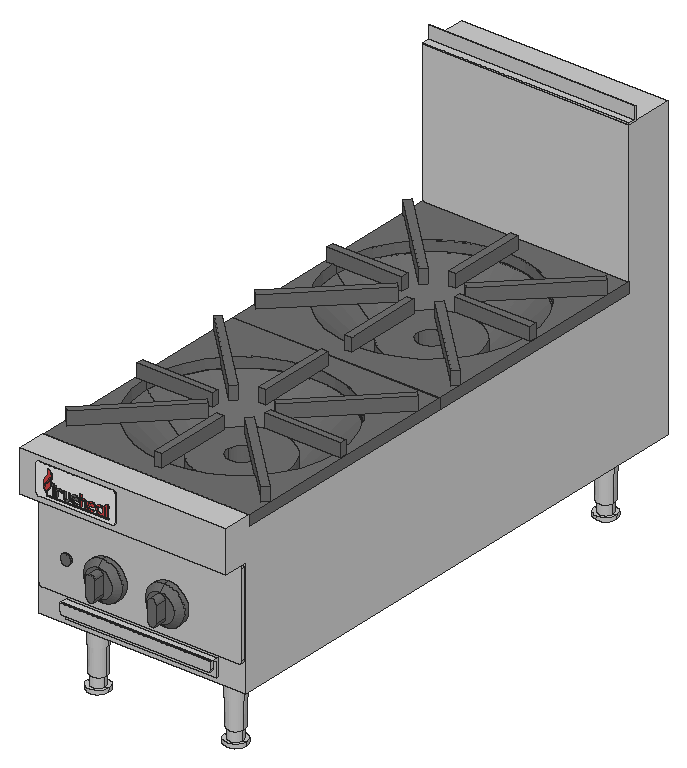
Revit family "QF_COMCATER ALL BRANDS_RCT3-2", category Specialty Equipment, Revit 2014
Parameters (values of type "RCT3-2_Natural Gas")
  URL Cutsheet = ""
  URL = ""
  Type Comments = "The Australian owned and designed* Trueheat RC Series of Gas Cooking Equipment has been developed for the restaurant and cafe market with a high quality finish, designed to fulfill the busy demands within a commercial kitchen.\r\nPowerful 24MJ/hr open burners with individual standing pilots included.\r\n100% Flame failure controls included as standard. Matt finish Euro look cast iron trivets radiate heat and design makes it easy to move pots around the surface."
  Status [instance] = ""
  Specification by User [instance] = ""
  Specification by Manufacturer [instance] = ""
  Seismic Rating = ""
  SMACNA No = ""
  Revision Code [instance] = ""
  Nominal Gas power = 11400 W
  NAFEM Spec ID Number = ""
  Model = "RCT3-2"
  Mechanical Connection Type [instance] = " "
  Masterspec = ""
  Manufacturer = "TRUEHEAT"
  Length Actual = 300 mm
  Item Number [instance] = ""
  Installed By [instance] = ""
  Identify Quantity as Lot [instance] = no
  Height Actual = 455 mm
  Gas power kW = 11.4
  Gas Size Flexible = 0 mm
  Gas Size = 19.05 mm
  Gas RI Height [instance] = 0 mm
  Gas Flow = 0.0 L/s
  Gas Connection Height [instance] = 121 mm
  Furnished By [instance] = ""
  Foodservice Equipment Identifier [instance] = yes
  Description = "2 BURNER MODULAR TOP"
  Depth Actual = 803 mm
  CSI MasterFormat = ""
  BTUH = 11400 W
  Assembly Code = "E1090320"
  Accessory = no
Types (2): name
  RCT3-2_Natural Gas
  RCT3-2_LPG
Reference planes
  plane 1 "Center (Front/Back)": y = 0
  plane 2: z = 0
  plane 3 "Center (Left/Right)": x = 0
Forms (mm)
  Extrusion 1, solid
    sketch origin (96, 0, 121) x (1, 0, 0) y (0, 1, 0)
      loop
        line (0, 0) -> (2, 0) -> (2, 2) -> (0, 2) -> (0, 0)
    from 0 to 2
Dimensions and locks
  aligned and locked: level to plane 2
Nested families
  nested 1: "QF_COMCATER ALL BRANDS_RCT3-2_Natural Gas" at (0, 0, 100), type "RCT3-2_Natural Gas"
    with Show Logo yes, Show Clearance yes
  nested 2: "QF_COMCATER_B05002-300" at (0, 0, 0), type "B05002-300"
    with Show Logo yes, Show Clearance yes
Connectors
  piping at (97, 2, 122), diameter 19.05, driven by "Gas Size", driven by "Gas Flow"
    settings: on Extrusion 1, index 1, connector inside diameter 609.6 mm, connector length 0 mm, flow factor 0, pipe flow 0.0 L/s, pressure drop 0.0 Pa, fitting loss kfactor 0, connector angle 0.00°, fixture units 0, engagement length 0 mm, angle of deflection 0.00°, flow configuration 1, flow direction 1, fitting loss method 0, system type 22, joint type 0, gender type 0, connector reference index -1, connector utility 0, adjustable connector no, is connector primary yes, connector description "Gas connection for 'RCT3-2'"
Definition of nested family "QF_COMCATER ALL BRANDS_RCT3-2_Natural Gas"
  Parameters (values of type "RCT3-2_Natural Gas")
    URL = "www.comcater.com.au"
    Show Logo [instance] = yes
    Show Clearance [instance] = yes
    Model = "RCT3-2"
    Manufacturer = "TRUEHEAT"
    Description = "2 BURNER MODULAR TOP"
    Assembly Code = "E1090320"
  Reference planes
    plane 1 "Back": y = 0
    plane 2: z = 0
    plane 3 "Left": x = 0
    plane 4 "Right": x = 300
    plane 5 "Front": y = -803
    plane 6 "Top": z = 455
  Forms (mm)
    Extrusion 1, solid
      sketch origin (0, 0, 2.5) x (0, 1, 0) y (0, 0, 1)
        loop
          line (0, 432.5) -> (-70, 432.5) -> (-70, 212.5) -> (-762.176, 212.5) -> (-762.176, 227.5) -> (-803, 227.5) -> (-803, 167.5) -> (-768, 167.5) -> (-768, -2.5) -> (0, -2.5) -> (0, 432.5)
      from 0 to 300
    Extrusion 2, solid
      sketch origin (-302.618, -768, 2.5) x (1, 0, 0) y (0, 0, 1)
        loop
          line (305.118, 160.5) -> (305.118, 40)
          arc (305.118, 40) -> (306.583, 36.464) -> (310.118, 35) r 5
          line (310.118, 35) -> (595.118, 35)
          arc (595.118, 35) -> (598.654, 36.464) -> (600.118, 40) r 5
          line (600.118, 40) -> (600.118, 160.5)
          arc (600.118, 160.5) -> (598.654, 164.036) -> (595.118, 165.5) r 5
          line (595.118, 165.5) -> (310.118, 165.5)
          arc (310.118, 165.5) -> (306.583, 164.036) -> (305.118, 160.5) r 5
      from 0 to 3
    Extrusion 3, solid, visible <- "Show Logo"
      sketch origin (30, -802.5, 9.763) x (1, 0, 0) y (0, 0, 1)
        loop
          line (98.5, 191.841) -> (96.5, 191.841) -> (96.5, 189.798) -> (95.026, 189.798) -> (95.026, 187.798) -> (96.5, 187.798) -> (96.5, 175.237) -> (98.5, 175.237) -> (98.5, 187.798) -> (100, 187.798) -> (100, 189.798) -> (98.5, 189.798) -> (98.5, 191.841)
        loop
          line (94, 187.798) -> (92, 187.798) -> (92, 186.56)
          arc (92, 186.56) -> (81.976, 181.518) -> (92, 176.475) r 6.28
          line (92, 176.475) -> (92, 175.237) -> (94, 175.237) -> (94, 187.798)
        loop
          arc (92, 183.592) -> (83.976, 181.518) -> (92, 179.443) r 4.28
          line (92, 179.443) -> (92, 183.592)
        loop
          line (65.446, 184.298) -> (65.446, 175.237) -> (67.446, 175.237) -> (67.446, 184.729)
          arc (67.446, 184.729) -> (64.497, 187.542) -> (60.446, 187.101) r 4.833
          line (60.446, 187.101) -> (60.446, 191.841) -> (58.446, 191.841) -> (58.446, 175.237) -> (60.446, 175.237) -> (60.446, 184.298)
          arc (60.446, 184.298) -> (62.946, 185.798) -> (65.446, 184.298) r 2.833
        loop
          arc (80.998, 181.518) -> (69.107, 184.34) -> (78.461, 176.475) r 6.28
          line (78.461, 176.475) -> (77.269, 178.081)
          arc (77.269, 178.081) -> (72.794, 177.694) -> (70.437, 181.518) r 4.28
          line (70.437, 181.518) -> (80.998, 181.518)
        loop
          arc (78.502, 183.518) -> (74.717, 185.798) -> (70.933, 183.518) r 4.28
          line (70.933, 183.518) -> (78.502, 183.518)
      from 0 to 2
    Extrusion 4, solid, visible <- "Show Logo"
      sketch origin (14.146, -802.5, 9.763) x (1, 0, 0) y (0, 0, 1)
        loop
          arc (70.804, 183.518) -> (67.02, 185.798) -> (63.236, 183.518) r 4.28
          line (63.236, 183.518) -> (70.804, 183.518)
        loop
          arc (73.3, 181.518) -> (61.409, 184.34) -> (70.764, 176.475) r 6.28
          line (70.764, 176.475) -> (69.572, 178.081)
          arc (69.572, 178.081) -> (65.096, 177.694) -> (62.74, 181.518) r 4.28
          line (62.74, 181.518) -> (73.3, 181.518)
        loop
          line (34.617, 191.841) -> (34.617, 189.798) -> (33.143, 189.798) -> (33.143, 187.798) -> (34.617, 187.798) -> (34.617, 175.237) -> (36.617, 175.237) -> (36.617, 187.798) -> (38.117, 187.798) -> (38.117, 189.798) -> (36.617, 189.798) -> (36.617, 191.841) -> (34.617, 191.841)
        loop
          arc (57.696, 178.737) -> (55.196, 177.237) -> (52.696, 178.737) r 2.833
          line (52.696, 178.737) -> (52.696, 187.798) -> (50.696, 187.798) -> (50.696, 178.307)
          arc (50.696, 178.307) -> (55.196, 175.237) -> (59.696, 178.307) r 4.833
          line (59.696, 178.307) -> (59.696, 187.798) -> (57.696, 187.798) -> (57.696, 178.737)
        loop
          line (41.117, 186.56) -> (41.117, 187.798) -> (39.117, 187.798) -> (39.117, 175.237) -> (41.117, 175.237) -> (41.117, 183.592)
          arc (41.117, 183.592) -> (44.587, 185.789) -> (48.31, 184.053) r 4.28
          line (48.31, 184.053) -> (49.735, 185.478)
          arc (49.735, 185.478) -> (45.643, 187.749) -> (41.117, 186.56) r 6.28
      from 0 to 2
    Extrusion 5, solid, visible <- "Show Logo"
      sketch origin (0, -802.5, 7.5) x (1, 0, 0) y (0, 0, 1)
        loop
          line (130, 176.5) -> (40, 176.5) -> (40, 175.5) -> (130, 175.5) -> (130, 176.5)
        loop
          arc (40, 177.5) -> (40.603, 181.061) -> (42.43, 184.177) r 10.013
          arc (42.43, 184.177) -> (44.457, 187.03) -> (45.914, 190.212) r 18.627
          arc (45.914, 190.212) -> (46.43, 193.956) -> (45.458, 197.608) r 9.58
          arc (45.458, 197.608) -> (44.352, 194.23) -> (41.979, 191.583) r 8.629
          arc (41.979, 191.583) -> (38.017, 184.959) -> (40, 177.5) r 9.924
        loop
          arc (39.054, 199.801) -> (35.351, 191.043) -> (36.701, 181.631) r 17.746
          arc (36.701, 181.631) -> (36.715, 187.191) -> (39.483, 192.014) r 10.848
          arc (39.483, 192.014) -> (42.461, 196.051) -> (44.165, 200.77) r 17.413
          arc (44.165, 200.77) -> (46.042, 199.588) -> (47.328, 197.781) r 5.718
          arc (47.328, 197.781) -> (46.772, 205.563) -> (40.995, 210.808) r 10.489
          arc (40.995, 210.808) -> (41.42, 205.059) -> (39.054, 199.801) r 11.727
      from 0 to 2
    Extrusion 6, solid, visible <- "Show Logo"
      sketch origin (0, -802, 7.5) x (1, 0, 0) y (0, 0, 1)
        loop
          line (29.373, 170.5) -> (135, 170.5)
          arc (135, 170.5) -> (138.536, 171.964) -> (140, 175.5) r 5
          line (140, 175.5) -> (140, 210.808)
          arc (140, 210.808) -> (138.536, 214.344) -> (135, 215.808) r 5
          line (135, 215.808) -> (29.373, 215.808)
          arc (29.373, 215.808) -> (25.837, 214.344) -> (24.373, 210.808) r 5
          line (24.373, 210.808) -> (24.373, 175.5)
          arc (24.373, 175.5) -> (25.837, 171.964) -> (29.373, 170.5) r 5
      from 0 to 2
    Extrusion 7, solid
      sketch origin (-3358.827, -656.5, -667.68) x (1, 0, 0) y (0, 1, 0)
        loop
          line (3503.813, 452.102) -> (3513.813, 452.102) -> (3513.813, 565.456) -> (3503.813, 565.456) -> (3503.813, 452.102)
        loop
          line (3546.914, 419) -> (3546.914, 409) -> (3656.627, 409) -> (3656.627, 419) -> (3546.914, 419)
        loop
          line (3470.712, 419) -> (3360.999, 419) -> (3360.999, 409) -> (3470.712, 409) -> (3470.712, 419)
        loop
          line (3474.8, 433.871) -> (3481.872, 440.942) -> (3367.316, 555.497) -> (3360.245, 548.426) -> (3474.8, 433.871)
        loop
          line (3535.755, 440.942) -> (3542.826, 433.871) -> (3657.381, 548.426) -> (3650.31, 555.497) -> (3535.755, 440.942)
        loop
          line (3503.813, 375.899) -> (3503.813, 262.545) -> (3513.813, 262.545) -> (3513.813, 375.899) -> (3503.813, 375.899)
        loop
          line (3474.8, 394.13) -> (3360.245, 279.574) -> (3367.316, 272.503) -> (3481.872, 387.059) -> (3474.8, 394.13)
        loop
          line (3535.755, 387.059) -> (3650.31, 272.503) -> (3657.381, 279.574) -> (3542.826, 394.13) -> (3535.755, 387.059)
      from 897.68 to 916.73
    Extrusion 8, solid
      sketch origin (-3358.827, -656.5, -662.976) x (1, 0, 0) y (0, 1, 0)
        loop
          line (3658.827, 586.5) -> (3358.827, 586.5) -> (3358.827, 241.5) -> (3658.827, 241.5) -> (3658.827, 586.5)
        loop
          circle (3508.813, 414.196) r 139
      from 877.976 to 892.976
    Revolve 9, solid
      sketch origin (196.557, 8, -489.263) x (0, 1, 0) y (0, 0, -1)
        loop
          line (-786.003, -575.513) -> (-786.003, -547.176) -> (-793.012, -547.176) -> (-801, -555.163) -> (-801, -575.513) -> (-786.003, -575.513)
        axis (-786.003, -575.513) -> (-801, -575.513)
      angle from 0 to 360
    Extrusion 10, solid
      sketch origin (569.238, -780, -1413.928) x (0.707107, 0, -0.707107) y (-0.707107, 0, -0.707107)
        loop
          line (-1328.297, -810.227) -> (-1311.344, -793.275)
          arc (-1311.344, -793.275) -> (-1311.344, -784.294) -> (-1320.325, -784.294) r 6.35
          line (-1320.325, -784.294) -> (-1337.277, -801.247)
          arc (-1337.277, -801.247) -> (-1337.277, -810.227) -> (-1328.297, -810.227) r 6.35
      from -13 to -28
    Revolve 11, solid
      sketch origin (106.557, 8, -489.263) x (0, 1, 0) y (0, 0, -1)
        loop
          line (-786.003, -575.513) -> (-786.003, -547.176) -> (-793.012, -547.176) -> (-801, -555.163) -> (-801, -575.513) -> (-786.003, -575.513)
        axis (-786.003, -575.513) -> (-801, -575.513)
      angle from 0 to 360
    Extrusion 12, solid
      sketch origin (479.238, -780, -1413.928) x (0.707107, 0, -0.707107) y (-0.707107, 0, -0.707107)
        loop
          line (-1328.297, -810.227) -> (-1311.344, -793.275)
          arc (-1311.344, -793.275) -> (-1311.344, -784.294) -> (-1320.325, -784.294) r 6.35
          line (-1320.325, -784.294) -> (-1337.277, -801.247)
          arc (-1337.277, -801.247) -> (-1337.277, -810.227) -> (-1328.297, -810.227) r 6.35
      from -13 to -28
    Extrusion 13, solid
      sketch origin (-3358.827, -173.5, -667.68) x (1, 0, 0) y (0, 1, 0)
        loop
          line (3503.813, -452.102) -> (3503.813, -565.456) -> (3513.813, -565.456) -> (3513.813, -452.102) -> (3503.813, -452.102)
        loop
          line (3546.914, -419) -> (3656.627, -419) -> (3656.627, -409) -> (3546.914, -409) -> (3546.914, -419)
        loop
          line (3470.712, -419) -> (3470.712, -409) -> (3360.999, -409) -> (3360.999, -419) -> (3470.712, -419)
        loop
          line (3474.8, -433.871) -> (3360.245, -548.426) -> (3367.316, -555.497) -> (3481.872, -440.942) -> (3474.8, -433.871)
        loop
          line (3535.755, -440.942) -> (3650.31, -555.497) -> (3657.381, -548.426) -> (3542.826, -433.871) -> (3535.755, -440.942)
        loop
          line (3503.813, -375.899) -> (3513.813, -375.899) -> (3513.813, -262.545) -> (3503.813, -262.545) -> (3503.813, -375.899)
        loop
          line (3474.8, -394.13) -> (3481.872, -387.059) -> (3367.316, -272.503) -> (3360.245, -279.574) -> (3474.8, -394.13)
        loop
          line (3535.755, -387.059) -> (3542.826, -394.13) -> (3657.381, -279.574) -> (3650.31, -272.503) -> (3535.755, -387.059)
      from 897.68 to 916.73
    Extrusion 14, solid
      sketch origin (-3358.827, -173.5, -662.976) x (1, 0, 0) y (0, 1, 0)
        loop
          line (3658.827, -586.5) -> (3658.827, -241.5) -> (3358.827, -241.5) -> (3358.827, -586.5) -> (3658.827, -586.5)
        loop
          circle (3508.813, -414.196) r 139
      from 877.976 to 892.976
    Extrusion 15, solid
      sketch origin (-1.781, -5, -680) x (1, 0, 0) y (0, 0, 1)
        loop
          circle (108.338, 766.25) r 8
      from 766 to 773.003
    Extrusion 16, solid
      sketch origin (88.219, -5, -680) x (1, 0, 0) y (0, 0, 1)
        loop
          circle (108.338, 766.25) r 8
      from 766 to 773.003
    Extrusion 17, solid
      sketch origin (182.5, -778, 2.5) x (-1, 0, 0) y (0, 0, -1)
        loop
          line (-77.5, -20) -> (-77.5, -30) -> (142.5, -30) -> (142.5, -20)
          arc (142.5, -20) -> (141.036, -16.464) -> (137.5, -15) r 5
          line (137.5, -15) -> (-72.5, -15)
          arc (-72.5, -15) -> (-76.036, -16.464) -> (-77.5, -20) r 5
      from 0 to 2
    Extrusion 18, solid
      sketch origin (182.5, -2, 2.5) x (0, 1, 0) y (0, 0, -1)
        loop
          line (-776, -30) -> (-766, -30) -> (-766, -4.971) -> (-768.029, -4.971) -> (-768.029, -27.971) -> (-776, -27.971) -> (-776, -30)
      from -77.5 to 142.5
    Extrusion 19, solid, visible <- "Show Clearance", detail levels coarse
      sketch origin (25, -2, -680) x (0, 1, 0) y (0, 0, 1)
        loop
          line (-768.029, 687.471) -> (-768.029, 712.5) -> (-1194, 712.5) -> (-1194, 687.471) -> (-768.029, 687.471)
      from 15 to 235
    Blend 20, void
      base sketch origin (-302.618, 0, -35) x (1, 0, 0) y (0, 1, 0)
        loop
          circle (451.186, -242.304) r 70
      top sketch origin (-302.618, 0, 0) x (1, 0, 0) y (0, 1, 0)
        loop
          circle (451.186, -242.304) r 140
      from 185 to 215
    Blend 21, void
      base sketch origin (-302.618, -345.392, -35) x (1, 0, 0) y (0, 1, 0)
        loop
          circle (451.186, -242.304) r 70
      top sketch origin (-302.618, -345.392, 0) x (1, 0, 0) y (0, 1, 0)
        loop
          circle (451.186, -242.304) r 140
      from 185 to 215
    Extrusion 22, solid
      sketch origin (-301.2, 0, 150) x (1, 0, 0) y (0, 1, 0)
        loop
          circle (451.186, -242.304) r 65
        loop
          circle (451.186, -242.304) r 20
      from 0 to 30
    Extrusion 23, solid
      sketch origin (-301.2, -345, 150) x (1, 0, 0) y (0, 1, 0)
        loop
          circle (451.186, -242.304) r 65
        loop
          circle (451.186, -242.304) r 20
      from 0 to 30
    Extrusion 24, solid
      sketch origin (0, -23, 0) x (0, 1, 0) y (0, 0, 1)
        loop
          line (-47, 435) -> (-35, 435) -> (-35, 455) -> (-37, 455) -> (-37, 437) -> (-47, 437) -> (-47, 435)
      from 0 to 300
    Extrusion 25, solid
      sketch origin (96, 10, -828) x (1, 0, 0) y (0, 0, 1)
        loop
          circle (0, 850) r 9.3
      from 0 to 10
    Extrusion 26, solid
      sketch origin (0, -771, -680) x (1, 0, 0) y (0, 0, 1)
        loop
          circle (42.5, 766.25) r 7.5
      from 0 to 2
    Sweep 27, solid
      path origin (-301.2, 0, -680) x (1, 0, 0) y (0, 1, 0)
        loop
          circle (451.186, -587.5) r 139
      profile origin (149.986, -448.5, -680) x (0, -1, 0) y (0, 0, 1)
        loop
          line (-0.987, 895) -> (69.013, 830) -> (70.013, 830) -> (71.013, 830) -> (1.013, 895) -> (-0.987, 895)
    Sweep 28, solid
      path origin (-301.2, 345.392, -680) x (1, 0, 0) y (0, 1, 0)
        loop
          circle (451.186, -587.5) r 139
      profile origin (149.986, -103.108, -680) x (0, -1, 0) y (0, 0, 1)
        loop
          line (-0.987, 895) -> (69.013, 830) -> (70.013, 830) -> (71.013, 830) -> (1.013, 895) -> (-0.987, 895)
    Extrusion 29, solid, visible <- "Show Clearance", detail levels coarse
      sketch origin (0, 0, 0) x (1, 0, 0) y (0, 1, 0)
        loop
          line (450, 150) -> (-150, 150) -> (-150, -803) -> (0, -803) -> (0, 0) -> (300, 0) -> (300, -803) -> (450, -803) -> (450, 150)
      from 0 to 455
  Cuts and joins
    Blend 20, Blend 21 cuts Extrusion 1
  Lines and regions (mm)
    symbolic lines, style "200-EquipBorder-2D"
      curve 1: line (0, 0, 0) -> (300, 0, 0)
      curve 2: line (300, -803, 0) -> (0, -803, 0)
      curve 6: line (0, 0, 0) -> (0, -803, 0)
      curve 7: line (300, -803, 0) -> (300, 0, 0)
      curve 106: line (86.7, 10, 0) -> (105.3, 10, 0)
      curve 107: line (105.3, 10, 0) -> (105.3, 0, 0)
      curve 108: line (86.7, 10, 0) -> (86.7, 0, 0)
      curve 112: line (0, -70, 0) -> (300, -70, 0)
    symbolic lines, style "QF_Door-Drawer Clearances", visible <- "Show Clearance"
      curve 3: line (260, -1196, 0) -> (260, -803, 0)
      curve 4: line (40, -1196, 0) -> (260, -1196, 0)
      curve 5: line (40, -1196, 0) -> (40, -803, 0)
    symbolic lines, style "200-EquipInternal-2D"
      curve 8: line (291.483, -101.003, 0) -> (176.928, -215.558, 0)
      curve 9: line (183.999, -222.629, 0) -> (298.554, -108.074, 0)
      curve 10: line (154.986, -204.399, 0) -> (154.986, -91.045, 0)
      curve 11: line (144.986, -91.045, 0) -> (144.986, -204.399, 0)
      curve 12: line (123.044, -215.558, 0) -> (8.489, -101.003, 0)
      curve 13: line (1.418, -108.074, 0) -> (115.973, -222.629, 0)
      curve 14: line (111.885, -237.5, 0) -> (2.172, -237.5, 0)
      curve 15: line (2.172, -247.5, 0) -> (111.885, -247.5, 0)
      curve 16: line (115.973, -262.371, 0) -> (1.418, -376.926, 0)
      curve 17: line (8.489, -383.997, 0) -> (123.044, -269.442, 0)
      curve 18: line (154.986, -393.955, 0) -> (154.986, -280.601, 0)
      curve 19: line (144.986, -280.601, 0) -> (144.986, -393.955, 0)
      curve 20: line (176.928, -269.442, 0) -> (291.483, -383.997, 0)
      curve 21: line (298.554, -376.926, 0) -> (183.999, -262.371, 0)
      curve 22: line (188.087, -247.5, 0) -> (297.8, -247.5, 0)
      curve 23: line (297.8, -237.5, 0) -> (188.087, -237.5, 0)
      curve 24: line (176.928, -215.558, 0) -> (183.999, -222.629, 0)
      curve 25: line (144.986, -204.399, 0) -> (154.986, -204.399, 0)
      curve 26: line (111.885, -247.5, 0) -> (111.885, -237.5, 0)
      curve 27: line (115.973, -222.629, 0) -> (123.044, -215.558, 0)
      curve 28: line (123.044, -269.442, 0) -> (115.973, -262.371, 0)
      curve 29: line (154.986, -280.601, 0) -> (144.986, -280.601, 0)
      curve 30: line (188.087, -237.5, 0) -> (188.087, -247.5, 0)
      curve 31: line (183.999, -262.371, 0) -> (176.928, -269.442, 0)
      curve 32: line (8.489, -101.003, 0) -> (1.418, -108.074, 0)
      curve 33: line (154.986, -91.045, 0) -> (144.986, -91.045, 0)
      curve 34: line (2.172, -237.5, 0) -> (2.172, -247.5, 0)
      curve 35: line (1.418, -376.926, 0) -> (8.489, -383.997, 0)
      curve 36: line (144.986, -393.955, 0) -> (154.986, -393.955, 0)
      curve 37: line (291.483, -383.997, 0) -> (298.554, -376.926, 0)
      curve 38: line (297.8, -247.5, 0) -> (297.8, -237.5, 0)
      curve 39: line (298.554, -108.074, 0) -> (291.483, -101.003, 0)
      curve 40: arc (144.986, -177.496, 0) -> (122.756, -183.283, 0) -> (103.926, -196.44, 0) r 65
      curve 41: arc (97.418, -204.074, 0) -> (88.958, -219.932, 0) -> (85.164, -237.5, 0) r 65
      curve 42: arc (154.986, -177.496, 0) -> (177.217, -183.283, 0) -> (196.046, -196.44, 0) r 65
      curve 43: arc (202.555, -204.074, 0) -> (211.015, -219.932, 0) -> (214.808, -237.5, 0) r 65
      curve 44: circle (149.986, -242.304, 0) r 20 normal (0, 0, 1)
      curve 45: arc (144.986, -307.504, 0) -> (122.756, -301.717, 0) -> (103.926, -288.56, 0) r 65
      curve 46: arc (97.418, -280.926, 0) -> (88.958, -265.068, 0) -> (85.164, -247.5, 0) r 65
      curve 47: arc (154.986, -307.504, 0) -> (177.217, -301.717, 0) -> (196.046, -288.56, 0) r 65
      curve 48: arc (202.555, -280.926, 0) -> (211.015, -265.068, 0) -> (214.808, -247.5, 0) r 65
      curve 49: line (291.483, -446.003, 0) -> (176.928, -560.558, 0)
      curve 50: line (183.999, -567.629, 0) -> (298.554, -453.074, 0)
      curve 51: line (154.986, -549.399, 0) -> (154.986, -436.045, 0)
      curve 52: line (144.986, -436.045, 0) -> (144.986, -549.399, 0)
      curve 53: line (123.044, -560.558, 0) -> (8.489, -446.003, 0)
      curve 54: line (1.418, -453.074, 0) -> (115.973, -567.629, 0)
      curve 55: line (111.885, -582.5, 0) -> (2.172, -582.5, 0)
      curve 56: line (2.172, -592.5, 0) -> (111.885, -592.5, 0)
      curve 57: line (115.973, -607.371, 0) -> (1.418, -721.926, 0)
      curve 58: line (8.489, -728.997, 0) -> (123.044, -614.442, 0)
      curve 59: line (154.986, -738.955, 0) -> (154.986, -625.601, 0)
      curve 60: line (144.986, -625.601, 0) -> (144.986, -738.955, 0)
      curve 61: line (176.928, -614.442, 0) -> (291.483, -728.997, 0)
      curve 62: line (298.554, -721.926, 0) -> (183.999, -607.371, 0)
      curve 63: line (188.087, -592.5, 0) -> (297.8, -592.5, 0)
      curve 64: line (297.8, -582.5, 0) -> (188.087, -582.5, 0)
      curve 65: line (176.928, -560.558, 0) -> (183.999, -567.629, 0)
      curve 66: line (144.986, -549.399, 0) -> (154.986, -549.399, 0)
      curve 67: line (111.885, -592.5, 0) -> (111.885, -582.5, 0)
      curve 68: line (115.973, -567.629, 0) -> (123.044, -560.558, 0)
      curve 69: line (123.044, -614.442, 0) -> (115.973, -607.371, 0)
      curve 70: line (154.986, -625.601, 0) -> (144.986, -625.601, 0)
      curve 71: line (188.087, -582.5, 0) -> (188.087, -592.5, 0)
      curve 72: line (183.999, -607.371, 0) -> (176.928, -614.442, 0)
      curve 73: line (8.489, -446.003, 0) -> (1.418, -453.074, 0)
      curve 74: line (154.986, -436.045, 0) -> (144.986, -436.045, 0)
      curve 75: line (2.172, -582.5, 0) -> (2.172, -592.5, 0)
      curve 76: line (1.418, -721.926, 0) -> (8.489, -728.997, 0)
      curve 77: line (144.986, -738.955, 0) -> (154.986, -738.955, 0)
      curve 78: line (291.483, -728.997, 0) -> (298.554, -721.926, 0)
      curve 79: line (297.8, -592.5, 0) -> (297.8, -582.5, 0)
      curve 80: line (298.554, -453.074, 0) -> (291.483, -446.003, 0)
      curve 81: arc (144.986, -522.496, 0) -> (122.756, -528.283, 0) -> (103.926, -541.44, 0) r 65
      curve 82: arc (97.418, -549.074, 0) -> (88.958, -564.932, 0) -> (85.164, -582.5, 0) r 65
      curve 83: arc (154.986, -522.496, 0) -> (177.217, -528.283, 0) -> (196.046, -541.44, 0) r 65
      curve 84: arc (202.555, -549.074, 0) -> (211.015, -564.932, 0) -> (214.808, -582.5, 0) r 65
      curve 85: circle (149.986, -587.304, 0) r 20 normal (0, 0, 1)
      curve 86: arc (144.986, -652.504, 0) -> (122.756, -646.717, 0) -> (103.926, -633.56, 0) r 65
      curve 87: arc (97.418, -625.926, 0) -> (88.958, -610.068, 0) -> (85.164, -592.5, 0) r 65
      curve 88: arc (154.986, -652.504, 0) -> (177.217, -646.717, 0) -> (196.046, -633.56, 0) r 65
      curve 89: arc (202.555, -625.926, 0) -> (211.015, -610.068, 0) -> (214.808, -592.5, 0) r 65
      curve 90: arc (154.986, -448.786, 0) -> (205.394, -460.252, 0) -> (248.095, -489.391, 0) r 138.608
      curve 91: arc (288.7, -582.5, 0) -> (279.216, -536.666, 0) -> (255.037, -496.591, 0) r 138.797
      curve 92: arc (144.986, -448.786, 0) -> (94.578, -460.252, 0) -> (51.878, -489.391, 0) r 138.608
      curve 93: arc (11.272, -582.5, 0) -> (20.756, -536.666, 0) -> (44.935, -496.591, 0) r 138.797
      curve 94: arc (154.986, -726.214, 0) -> (205.394, -714.748, 0) -> (248.095, -685.609, 0) r 138.608
      curve 95: arc (288.7, -592.5, 0) -> (279.216, -638.334, 0) -> (255.037, -678.409, 0) r 138.797
      curve 96: arc (144.986, -726.214, 0) -> (94.578, -714.748, 0) -> (51.878, -685.609, 0) r 138.608
      curve 97: arc (11.272, -592.5, 0) -> (20.756, -638.334, 0) -> (44.935, -678.409, 0) r 138.797
      curve 98: arc (154.986, -103.394, 0) -> (205.394, -114.86, 0) -> (248.095, -143.999, 0) r 138.608
      curve 99: arc (288.7, -237.108, 0) -> (279.216, -191.274, 0) -> (255.037, -151.199, 0) r 138.797
      curve 100: arc (144.986, -103.394, 0) -> (94.578, -114.86, 0) -> (51.878, -143.999, 0) r 138.608
      curve 101: arc (11.272, -237.108, 0) -> (20.756, -191.274, 0) -> (44.935, -151.199, 0) r 138.797
      curve 102: arc (154.986, -380.821, 0) -> (205.394, -369.355, 0) -> (248.095, -340.216, 0) r 138.608
      curve 103: arc (288.7, -247.108, 0) -> (279.216, -292.941, 0) -> (255.037, -333.017, 0) r 138.797
      curve 104: arc (144.986, -380.821, 0) -> (94.578, -369.355, 0) -> (51.878, -340.216, 0) r 138.608
      curve 105: arc (11.272, -247.108, 0) -> (20.756, -292.941, 0) -> (44.935, -333.017, 0) r 138.797
      curve 113: line (300, -58, 0) -> (0, -58, 0)
      curve 114: line (0, -60, 0) -> (300, -60, 0)
      curve 115: line (300, -415, 0) -> (0, -415, 0)
      curve 116: line (300, -762.176, 0) -> (0, -762.176, 0)
      curve 117: line (0, -760, 0) -> (300, -760, 0)
    symbolic lines, style "QF_Clearances", visible <- "Show Clearance"
      curve 109: line (-150, -803, 0) -> (-150, 150, 0)
      curve 110: line (-150, 150, 0) -> (450, 150, 0)
      curve 111: line (450, 150, 0) -> (450, -803, 0)
  Dimensions and locks
    plane 1 "Back" to plane 5 "Front" = 803 mm
    plane 6 "Top" to level = 455 mm
    plane 3 "Left" to plane 4 "Right" = 300 mm
    plane 5 "Front" to plane 1 "Back" = 803 mm
    plane 4 "Right" to plane 3 "Left" = 300 mm
    aligned and locked: level to plane 2
  Connectors
    piping at (96, 10, 22), diameter 19
      settings: on Extrusion 25, index 1, connector inside diameter 609.6 mm, connector length 0 mm, flow factor 0, pipe flow 0.0 L/s, pressure drop 0.0 Pa, fitting loss kfactor 0, connector angle 0.00°, fixture units 0, engagement length 0 mm, angle of deflection 0.00°, flow configuration 1, flow direction 1, fitting loss method 0, system type 22, joint type 0, gender type 0, connector reference index -1, connector utility 0, adjustable connector no, is connector primary yes, connector description "Gas Inlet"
Definition of nested family "QF_COMCATER_B05002-300"
  Parameters (values of type "B05002-300")
    URL = ""
    Type Comments = ""
    Show Logo [instance] = yes
    Show Clearance [instance] = yes
    Model = "B05002"
    Manufacturer = "TRUEHEAT"
    Length Actual = 300 mm
    Height Actual = 100 mm
    Description = "ADJUSTABLE LEG FOR RCT COUNTERTOP MOUNTING 300MM"
    Depth Actual = 803 mm
    Assembly Code = "E1090320"
    Accessory = yes
  Reference planes
    plane 1 "Back": y = 0
    plane 2: z = 0
    plane 3 "Left": x = 0
    plane 4 "Right": x = 300
    plane 5 "Front": y = -803
    plane 6 "Top": z = 100
  Forms (mm)
    Revolve 1, solid
      sketch origin (0, -50, 0) x (1, 0, 0) y (0, 0, 1)
        loop
          line (50, 0) -> (65.5, 0) -> (65.5, 5) -> (60, 5) -> (60, 20) -> (62, 20) -> (63.5, 95) -> (65.5, 95) -> (65.5, 100) -> (50, 100) -> (50, 0)
        axis (50, 0) -> (50, 100)
      angle from 0 to 360
    Revolve 2, solid
      sketch origin (0, -723, 0) x (1, 0, 0) y (0, 0, -1)
        loop
          line (50, 0) -> (50, -100) -> (65.5, -100) -> (65.5, -95) -> (63.5, -95) -> (62, -20) -> (60, -20) -> (60, -5) -> (65.5, -5) -> (65.5, 0) -> (50, 0)
        axis (50, 0) -> (50, -100)
      angle from 0 to 360
    Revolve 3, solid
      sketch origin (300, -50, 0) x (-1, 0, 0) y (0, 0, -1)
        loop
          line (50, 0) -> (50, -100) -> (65.5, -100) -> (65.5, -95) -> (63.5, -95) -> (62, -20) -> (60, -20) -> (60, -5) -> (65.5, -5) -> (65.5, 0) -> (50, 0)
        axis (50, 0) -> (50, -100)
      angle from 0 to 360
    Revolve 4, solid
      sketch origin (300, -723, 0) x (-1, 0, 0) y (0, 0, 1)
        loop
          line (50, 0) -> (65.5, 0) -> (65.5, 5) -> (60, 5) -> (60, 20) -> (62, 20) -> (63.5, 95) -> (65.5, 95) -> (65.5, 100) -> (50, 100) -> (50, 0)
        axis (50, 0) -> (50, 100)
      angle from 0 to 360
  Dimensions and locks
    plane 5 "Front" to plane 1 "Back" = 803 mm
    plane 6 "Top" to level = 100 mm
    plane 3 "Left" to plane 4 "Right" = 300 mm
    aligned and locked: level to plane 2
